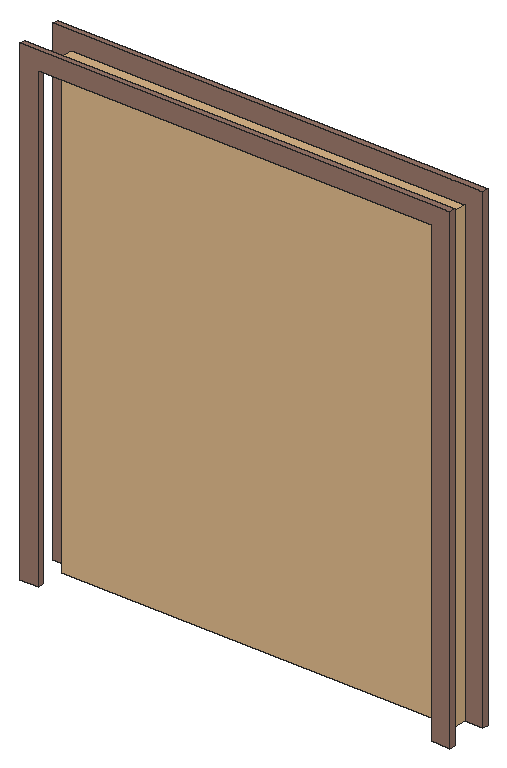
Revit family "M_Porta-Nivelado-Duplo_Painel-Duplo-Agindo", category Portas, Revit 2019
Family settings
  Hospedeiro = Parede
  Número OmniClass = 23.30.10.00
  Título OmniClass = Doors
  Sempre na vertical = Sim
  Corte com vazios quando carregada = Não
  Compartilhado = Não
  Ponto de cálculo do ambiente = Não
Parameters (values of type "1700 x 2000mm")
  W = Largura / 2  # 850 mm
  Visual Light Transmittance = 0
  Espessura = 50 mm
  Resistência térmica (R) = 0.455703 (m²·K)/W
  Ângulo de abertura [instance] = 90.00°
  Solar Heat Gain Coefficient = 0
  ID do tipo de construção = "DOOR"
  Coeficiente de transferência de calor (U) = 2.19465 W/(m²·K)
  Função = Interior
  Código de montagem = "C1020"
  Material do painel = Madeira - Bétula - Manchada sólida leve com baixo brilho
  Material da apara = Pintura - Sienna
  Altura = 2000 mm
  Projeção da apara externa = 25 mm
  Projeção da apara interna = 25 mm
  Largura da apara externa = 80 mm
  Largura da apara interna = 80 mm
  Fechamento da parede = Por hospedeiro
  Largura = 1700 mm
  Construção analítica = "Madeira"
Reference planes
  plane 1 "Centro (Frente/Trás)": y = 0
  plane 2: z = 0
  plane 3 "Centro (Esquerda/Direita)": x = 0
  plane 4 "Esquerda": x = -850
  plane 5 "Direita": x = 850
  plane 6 "Superior": z = 2000
  plane 7: y = 76.2
  plane 8: y = 26.2
Forms (mm)
  Extrusion 1, solid, material "Pintura - Sienna" <- "Material da apara", detail levels fine
    sketch origin (-2286, -76.2, 0) x (1, 0, 0) y (0, 0, 1)
      loop
        line (1436, 0) -> (1436, 2000) -> (3136, 2000) -> (3136, 0) -> (3216, 0) -> (3216, 2080) -> (1356, 2080) -> (1356, 0) -> (1436, 0)
    from 0 to 25
  Extrusion 2, solid, material "Madeira - Bétula - Manchada sólida leve com baixo brilho" <- "Material do painel"
    sketch origin (-2286, 177.8, 0) x (-1, 0, 0) y (0, 0, 1)
      loop
        line (-3136, 2000) -> (-3136, 0) -> (-1436, 0) -> (-1436, 2000) -> (-3136, 2000)
    from -151.6 to -101.6
  Extrusion 3, solid, material "Pintura - Sienna" <- "Material da apara", detail levels fine
    sketch origin (-1524, 76.2, 0) x (-1, 0, 0) y (0, 0, 1)
      loop
        line (-2454, 2080) -> (-2454, 0) -> (-2374, 0) -> (-2374, 2000) -> (-674, 2000) -> (-674, 0) -> (-594, 0) -> (-594, 2080) -> (-2454, 2080)
    from 0 to 25
Lines and regions (mm)
  Opening 1
    outline origin (-2286, -76.2, 0) x (1, 0, 0) y (0, 0, 1)
      loop
        line (1436, 0) -> (3136, 0) -> (3136, 2000) -> (1436, 2000) -> (1436, 0)
  model lines, style "DoorsPanelProjection"
    curve 1: line (0, 76.2, 2000) -> (0, 76.2, 0)
    curve 2: line (0, 26.2, 2000) -> (0, 26.2, 0)
  symbolic lines, style "Giro da elevação"
    curve 3: line (0, 0, 2000) -> (-850, 0, 1000)
    curve 4: line (0, 0, 0) -> (-850, 0, 1000)
    curve 5: line (0, 0, 2000) -> (850, 0, 1000)
    curve 6: line (0, 0, 0) -> (850, 0, 1000)
Text (mm)
  text "Exterior" at (-1503.219, 377.62, 0), in view "Linha do piso"
  text "Interior" at (-1503.219, -182.087, 0), in view "Linha do piso"
  text "Exterior" at (0, 1019.848, 3124.603), in view "Direita"
  text "Interior" at (0, -1635.541, 3124.603), in view "Direita"
  text "Interior" at (0, -787.806, 3124.376), in view "Esquerda"
  text "Exterior" at (0, 1386.095, 3124.376), in view "Esquerda"
Dimensions and locks
  equal spacing: plane 4 "Esquerda", plane 3 "Centro (Esquerda/Direita)", plane 5 "Direita"
  "Altura": plane 2 to plane 6 "Superior"
  "Largura da apara interna": Extrusion 1 sketch curve to plane 4 "Esquerda"
  "Largura da apara interna": Extrusion 1 sketch curve to plane 5 "Direita"
  "Largura da apara interna": Extrusion 1 sketch curve to plane 6 "Superior"
  "Projeção da apara interna": Extrusion 1 to host wall
  "Projeção da apara externa": Extrusion 3 to Extrusion 3
  "Largura da apara externa": plane 5 "Direita" to Extrusion 3 sketch curve
  "Largura da apara externa": Extrusion 3 sketch curve to plane 4 "Esquerda"
  "Largura da apara externa": plane 6 "Superior" to Extrusion 3 sketch curve
  "Largura": plane 4 "Esquerda" to plane 5 "Direita"
  equal spacing: level, curve 4, plane 6 "Superior"
  equal spacing: level, curve 6, plane 6 "Superior"
  "Espessura": plane 7 to plane 8
  aligned and locked: plane 4 "Esquerda" to Opening 1 sketch curve
  aligned and locked: plane 6 "Superior" to Opening 1 sketch curve  (x2)
  aligned and locked: Opening 1 sketch curve to plane 5 "Direita"
  aligned and locked: Opening 1 sketch curve to level
  aligned and locked: plane 4 "Esquerda" to Extrusion 1 sketch curve
  aligned and locked: plane 6 "Superior" to Extrusion 1 sketch curve  (x2)
  aligned and locked: plane 5 "Direita" to Extrusion 1 sketch curve  (x2)
  aligned and locked: level to Extrusion 1 sketch curve
  aligned and locked: Extrusion 1 sketch curve to level
  aligned and locked: plane 2 to Extrusion 1 sketch curve
  aligned and locked: Extrusion 1 to host wall
  aligned and locked: Extrusion 2 sketch curve to plane 4 "Esquerda"
  aligned and locked: curve 2 to curve 1
  aligned and locked: host wall to Extrusion 2
  aligned and locked: plane 7 to host wall
  aligned and locked: Extrusion 2 to plane 8
  aligned and locked: plane 7 to Extrusion 2
  aligned and locked: plane 7 to nested 3
  aligned and locked: nested 3 to plane 4 "Esquerda"
  aligned and locked: nested 2 to plane 7
  aligned and locked: nested 2 to plane 5 "Direita"
  aligned and locked: plane 8 to nested 1
  aligned and locked: plane 4 "Esquerda" to nested 1
  aligned and locked: nested 4 to plane 8
  aligned and locked: plane 5 "Direita" to nested 4
Automatic sketch dimensions
  Extrusion 2 sketch curve to plane 6 "Superior" = 0 mm
  Extrusion 2 sketch curve to level = 0 mm
  Extrusion 2 sketch curve to plane 5 "Direita" = 0 mm
  Extrusion 3 sketch curve to level = 0 mm  (x2)
  Extrusion 3 sketch curve to plane 5 "Direita" = 0 mm
  Extrusion 3 sketch curve to plane 4 "Esquerda" = 0 mm
  Extrusion 3 sketch curve to plane 6 "Superior" = 0 mm
  curve 3 to plane 3 "Centro (Esquerda/Direita)" = 0 mm
  curve 3 to plane 6 "Superior" = 0 mm
  curve 2 to plane 3 "Centro (Esquerda/Direita)" = 0 mm
  curve 2 to plane 6 "Superior" = 0 mm
  curve 1 to plane 6 "Superior" = 0 mm
  curve 5 to plane 5 "Direita" = 0 mm
  curve 3 to plane 4 "Esquerda" = 0 mm
  curve 1 to level = 0 mm
  curve 4 to level = 0 mm
  curve 2 to level = 0 mm
  curve 6 to plane 3 "Centro (Esquerda/Direita)" = 0 mm
Nested families
  nested 1: "Abertura da porta-única-oposta" at (-850, 26.2, 0) x (-1, 0, 0) z (0, 0, 1), Ângulo de abertura <- "Ângulo de abertura", type "Único"
    with Abertura visível yes, Ângulo de abertura 90.00°, Ângulo real 90.00°
  nested 2: "Porta com abertura única" at (850, 76.2, 0), Ângulo de abertura <- "Ângulo de abertura", type "Único"
    with Abertura visível yes, Ângulo de abertura 90.00°, Ângulo real 90.00°
  nested 3: "Porta com abertura única" at (-850, 76.2, 0) x (-1, 0, 0) z (0, 0, 1), Ângulo de abertura <- "Ângulo de abertura", type "Único"
    with Abertura visível yes, Ângulo de abertura 90.00°, Ângulo real 90.00°
  nested 4: "Abertura da porta-única-oposta" at (850, 26.2, 0), Ângulo de abertura <- "Ângulo de abertura", type "Único"
    with Abertura visível yes, Ângulo de abertura 90.00°, Ângulo real 90.00°
Definition of nested family "Abertura da porta-única-oposta"
  Parameters (values of type "Único")
    Width = 900 mm
    Thickness = 45 mm
    Abertura visível [instance] = Ângulo de abertura > 1.00°  # yes
    Ângulo de abertura [instance] = 45.00°
    Assembly Code = ""
    Analytic Construction = "<Nenhum>"
    Ângulo real [instance] = if(Ângulo de abertura < 1.00°, 1.00°, Ângulo de abertura)  # 45.00°
  Reference planes
    plane 1 "Centro (Frente/Trás)": y = 0
    plane 2: z = 0
    plane 3 "Centro (Esquerda/Direita)": x = 0
    plane 4: x = -900
  Lines and regions (mm)
    symbolic lines
      curve 1: line (0, 0, 0) -> (-900, 0, 0)
      curve 5: line (0, 0, 0) -> (-636.396, 636.396, 0)
      curve 6: line (-636.396, 636.396, 0) -> (-668.216, 604.576, 0)
      curve 7: line (-668.216, 604.576, 0) -> (-31.82, -31.82, 0)
      curve 8: line (-31.82, -31.82, 0) -> (0, 0, 0)
    symbolic lines, visible <- "Abertura visível"
      curve 2: arc (-900, 0, 0) -> (-831.492, 344.415, 0) -> (-636.396, 636.396, 0) r 900
    reference lines
      curve 3: line (0, 0, 0) -> (-636.396, 636.396, 0)
    model lines
      curve 4: line (0, 0, 0) -> (0, 0, 25.4)
  Dimensions and locks
    "Width": plane 4 to plane 3 "Centro (Esquerda/Direita)"
    locked: curve 2 to plane 3 "Centro (Esquerda/Direita)"
    locked: curve 2 to plane 1 "Centro (Frente/Trás)"
    "Width": curve 3 to curve 3
    locked: curve 4 to plane 2 at 25.4
    "Thickness": curve 3 to curve 7
    "Width": radius of curve 2
    "Ângulo real": angle curve 2 to curve 2
    "Ângulo de abertura": angle curve 3 to plane 1 "Centro (Frente/Trás)"
    aligned and locked: curve 1 to plane 1 "Centro (Frente/Trás)"
    aligned and locked: plane 3 "Centro (Esquerda/Direita)" to curve 1
    aligned and locked: plane 3 "Centro (Esquerda/Direita)" to curve 3
    aligned and locked: plane 1 "Centro (Frente/Trás)" to curve 3
    aligned and locked: plane 3 "Centro (Esquerda/Direita)" to curve 4
    aligned and locked: plane 2 to curve 4
    aligned and locked: curve 5 to curve 2
    aligned and locked: curve 6 to curve 3
    aligned and locked: curve 8 to curve 3
Definition of nested family "Porta com abertura única"
  Parameters (values of type "Único")
    Width = 900 mm
    Thickness = 45 mm
    Abertura visível [instance] = Ângulo de abertura > 1.00°  # yes
    Ângulo de abertura [instance] = 45.00°
    Assembly Code = ""
    Analytic Construction = "<Nenhum>"
    Ângulo real [instance] = if(Ângulo de abertura < 1.00°, 1.00°, Ângulo de abertura)  # 45.00°
  Reference planes
    plane 1 "Centro (Frente/Trás)": y = 0
    plane 2: z = 0
    plane 3 "Centro (Esquerda/Direita)": x = 0
    plane 4: x = -900
  Lines and regions (mm)
    Masking region 1
      outline origin (0, 0, 0) x (-0.707107, 0.707107, 0) y (-0.707107, -0.707107, 0)
        loop
          line (0, 0) -> (900, 0) -> (900, 45) -> (0, 45) -> (0, 0)
    symbolic lines
      curve 1: line (0, 0, 0) -> (-900, 0, 0)
    symbolic lines, visible <- "Abertura visível"
      curve 2: arc (-900, 0, 0) -> (-831.492, 344.415, 0) -> (-636.396, 636.396, 0) r 900
    reference lines
      curve 3: line (0, 0, 0) -> (-636.396, 636.396, 0)
    model lines
      curve 4: line (0, 0, 0) -> (0, 0, 25.4)
  Dimensions and locks
    "Width": plane 4 to plane 3 "Centro (Esquerda/Direita)"
    locked: curve 2 to plane 3 "Centro (Esquerda/Direita)"
    locked: curve 2 to plane 1 "Centro (Frente/Trás)"
    "Width": curve 3 to curve 3
    "Thickness": Masking region 1 sketch curve to Masking region 1 sketch curve
    locked: curve 4 to plane 2 at 25.4
    "Width": radius of curve 2
    "Ângulo real": angle curve 2 to curve 2
    "Ângulo de abertura": angle curve 3 to plane 1 "Centro (Frente/Trás)"
    aligned and locked: curve 1 to plane 1 "Centro (Frente/Trás)"
    aligned and locked: plane 3 "Centro (Esquerda/Direita)" to curve 1
    aligned and locked: plane 3 "Centro (Esquerda/Direita)" to curve 3
    aligned and locked: plane 1 "Centro (Frente/Trás)" to curve 3
    aligned and locked: curve 3 to Masking region 1 sketch curve
    aligned and locked: Masking region 1 sketch curve to curve 3  (x2)
    aligned and locked: plane 3 "Centro (Esquerda/Direita)" to curve 4
    aligned and locked: plane 2 to curve 4
Types in the file's own list only (6): name | W | Transmissão de luz visual | Resistência térmica (R) | Coeficiente de ganho de calor solar | Coeficiente de transferência de calor (U) | Altura | Largura
  1700 x 2050mm | 850 mm | 0 | 0.4557 (m²·K)/W | 0 | 2.1946 W/(m²·K) | 2050 mm | 1700 mm
  1700 x 2100mm | 850 mm | 0 | 0.4557 (m²·K)/W | 0 | 2.1946 W/(m²·K) | 2100 mm | 1700 mm
  1800 x 1950mm | 900 mm | 0 | 0.4557 (m²·K)/W | 0 | 2.1946 W/(m²·K) | 1950 mm | 1800 mm
  1800 x 2000mm | 900 mm | 0 | 0.4557 (m²·K)/W | 0 | 2.1946 W/(m²·K) | 2000 mm | 1800 mm
  1800 x 2050mm | 900 mm | 0 | 0.4557 (m²·K)/W | 0 | 2.1946 W/(m²·K) | 2050 mm | 1800 mm
  1800 x 2100mm | 900 mm | 0 | 0.4557 (m²·K)/W | 0 | 2.1946 W/(m²·K) | 2100 mm | 1800 mm
